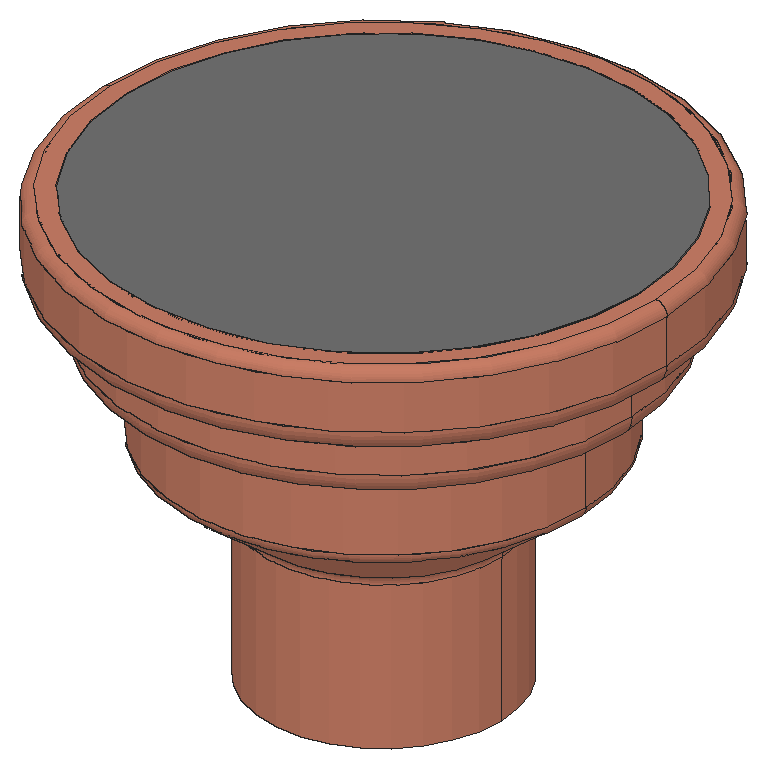
Revit family
Parameters (values of type "2210-02")
  Weight (lb) = 13.83
  Waste Connection = no
  Warranty = "1 year material and workmanship"  # constant formula
  Vent Connection = no
  URL = "http://www.jrsmith.com"
  Technical and Installation = "http://www.jrsmith.com/products/floor/tech_data_index.htm"
  SmartBIM Object Version = 3  # constant formula
  SmartBIM Object Created By = "Reed Construction Data"  # constant formula
  Product URL = "http://www.jrsmith.com/products/floor/submittal/d2210.pdf"
  Pipe Diameter = "2\""
  HW Connection = no
  Free Area (sq. in) = "9.25"  # constant formula
  Description = "Duco cast iron body with cast iron grate and sediment bucket"  # constant formula
  Pipe Radius = 0' - 1"
  OmniClass Title = "Sanitary Drains"  # constant formula
  OmniClass Code = "22-22 13 19 13"  # constant formula
  Model = "2210"  # constant formula
  Material Finish = Duco Coated
  Material = Cast Iron
  Manufacturer = "Jay R. Smith Mfg. Co. "  # constant formula
  Default Elevation = 0' - 0"  # constant formula
  CW Connection = no
  Assembly Code = "D2030300"
  95 CSI = "15155"  # constant formula
  04 CSI = "22 13 19"  # constant formula
Types (3): name | Weight (lb) | Pipe Diameter | Pipe Radius
  2210-02 | 13.83 | "2\"" | 0' - 1"
  2210-03 | 14.66 | "3\"" | 0' - 1 1/2"
  2210-04 | 14.27 | "4\"" | 0' - 2"
Reference planes (in)
  plane 1 "Center (Front/Back)": y = 0
  plane 2: z = 0
  plane 3 "Center (Left/Right)": x = 0
  plane 4: z = 0.125
Dimensions and locks (in)
  locked: plane 4 to plane 2 at 0.125
  aligned and locked: plane 3 "Center (Left/Right)" to nested 1
  aligned and locked: plane 1 "Center (Front/Back)" to nested 1
  aligned and locked: plane 4 to nested 1
Nested families (in)
  nested 1: "2210" at (0, 0, -0.51548), type "2210"
Connectors (in)
  piping at (0, 0, -4.875), driven by "Pipe Radius"
    settings: on nested 1, index 1
Definition of nested family "2210"
  Parameters (values of type "2210-02")
    Weight (lb) = 13.83
    Waste Connection = no
    Warranty = "1 year material and workmanship"  # constant formula
    Vent Connection = no
    URL = "http://www.jrsmith.com"
    Technical and Installation = "http://www.jrsmith.com/products/floor/tech_data_index.htm"
    SmartBIM Object Version = 3  # constant formula
    SmartBIM Object Created By = "Reed Construction Data"  # constant formula
    Product URL = "http://www.jrsmith.com/products/floor/submittal/d2210.pdf"
    Pipe Diameter = "2\""
    HW Connection = no
    Free Area (sq. in) = "9.25"  # constant formula
    Description = "Duco cast iron body with cast iron grate and sediment bucket"  # constant formula
    Pipe Radius = 0' - 1"
    OmniClass Title = "Sanitary Drains"  # constant formula
    OmniClass Code = "22-22 13 19 13"  # constant formula
    Model = "2210"  # constant formula
    Material Finish = Duco Coated
    Material = Cast Iron
    Manufacturer = "Jay R. Smith Mfg. Co. "  # constant formula
    Default Elevation = 0' - 0"  # constant formula
    CW Connection = no
    Assembly Code = "D2030300"
    95 CSI = "15155"  # constant formula
    04 CSI = "22 13 19"  # constant formula
  Types (3): name | Weight (lb) | Pipe Diameter | Pipe Radius
    2210-02 | 13.83 | "2\"" | 0' - 1"
    2210-03 | 14.66 | "3\"" | 0' - 1 1/2"
    2210-04 | 14.27 | "4\"" | 0' - 2"
  Reference planes (in)
    plane 1 "Center (Front/Back)": y = 0
    plane 2: z = 0
    plane 3 "Center (Left/Right)": x = 0
    plane 4: z = 0.64048
    plane 5: x = 1
  Forms (in)
    Revolve 1, solid, material "Cast Iron" <- "Material"
      sketch origin (0, 0, -4.35952) x (1, 0, 0) y (0, 0, 1)
        loop
          line (0, 2.56389) -> (0, 2.2746) -> (1.21883, 2.55354)
          arc (1.21883, 2.55354) -> (1.60957, 2.7602) -> (1.76587, 3.17366) r 0.625
          line (1.76587, 3.17366) -> (1.76587, 4.06501)
          arc (1.76587, 4.06501) -> (1.8319, 4.23428) -> (1.99511, 4.31414) r 0.25
          line (1.99511, 4.31414) -> (2.45397, 4.35238) -> (2.62937, 4.56536) -> (2.62937, 4.75) -> (2.31905, 4.75) -> (2.31905, 4.56825) -> (1.74603, 4.56825)
          arc (1.74603, 4.56825) -> (1.56926, 4.49503) -> (1.49603, 4.31825) r 0.25
          line (1.49603, 4.31825) -> (1.49603, 3.07123)
          arc (1.49603, 3.07123) -> (1.43254, 2.90476) -> (1.27431, 2.82284) r 0.25
          line (1.27431, 2.82284) -> (0, 2.56389)
        axis (0, 2.2746) -> (0, 4.75)
      angle from 0 to 360
    Extrusion 2, solid, material "Duco Coated" <- "Material Finish"
      sketch origin (-6.23822, -180, 0.64048) x (-1, 0, 0) y (0, -1, 0)
        loop
          circle (-6.23822, -180) r 2.96984
      from 0 to -0.25
    Sweep 3, solid, material "Cast Iron" <- "Material"
      path origin (0, 0, 0) x (1, 0, 0) y (0, 1, 0)
        loop
          circle (0, 0) r 1
      profile "D2210 : D2210" origin (0, 1, 0) x (0, -1, 0) y (0, 0, 1)
        loop
          arc (-2.29365, 0) -> (-2.21366, -0.18442) -> (-2.02378, -0.25039) r 0.25009
          arc (-2.02378, -0.25039) -> (-1.92907, -0.28318) -> (-1.88889, -0.375) r 0.125
          line (-1.88889, -0.375) -> (-1.88889, -0.6746)
          arc (-1.88889, -0.6746) -> (-1.81567, -0.85138) -> (-1.63889, -0.9246) r 0.25
          line (-1.63889, -0.9246) -> (-1.47421, -0.9246)
          arc (-1.47421, -0.9246) -> (-1.38582, -0.96121) -> (-1.34921, -1.0496) r 0.125
          line (-1.34921, -1.0496) -> (-1.34921, -1.80655)
          arc (-1.34921, -1.80655) -> (-1.33601, -1.86245) -> (-1.29921, -1.90655) r 0.125
          line (-1.29921, -1.90655) -> (-0.42778, -2.56012)
          arc (-0.42778, -2.56012) -> (-0.39097, -2.60422) -> (-0.37778, -2.66012) r 0.125
          line (-0.37778, -2.66012) -> (-0.37778, -4.35952) -> (0, -4.35952) -> (0, -2.46986)
          arc (0, -2.46986) -> (-0.01271, -2.41494) -> (-0.04826, -2.37119) r 0.125
          line (-0.04826, -2.37119) -> (-0.92317, -1.69071)
          arc (-0.92317, -1.69071) -> (-0.95872, -1.64696) -> (-0.97143, -1.59204) r 0.125
          line (-0.97143, -1.59204) -> (-0.97143, -0.69881)
          arc (-0.97143, -0.69881) -> (-1.00804, -0.61042) -> (-1.09643, -0.57381) r 0.125
          line (-1.09643, -0.57381) -> (-1.23413, -0.57381)
          arc (-1.23413, -0.57381) -> (-1.4109, -0.50059) -> (-1.48413, -0.32381) r 0.25
          line (-1.48413, -0.32381) -> (-1.48413, -0.08935)
          arc (-1.48413, -0.08935) -> (-1.51611, -0.01214) -> (-1.59332, 0.01984) r 0.10919
          line (-1.59332, 0.01984) -> (-1.96984, 0.01984) -> (-1.96984, 0.64048) -> (-2.16865, 0.64048)
          arc (-2.16865, 0.64048) -> (-2.25704, 0.60386) -> (-2.29365, 0.51548) r 0.125
          line (-2.29365, 0.51548) -> (-2.29365, 0)
  Dimensions and locks (in)
    "Pipe Radius": plane 3 "Center (Left/Right)" to plane 5
    "Pipe Radius": radius of Sweep 3 sketch curve
    aligned and locked: plane 3 "Center (Left/Right)" to Revolve 1 sketch curve  (x2)
    aligned and locked: Extrusion 2 to plane 4
    aligned and locked: Extrusion 2 sketch curve to Sweep 3
  Automatic sketch dimensions
    Revolve 1 sketch curve to plane 5 = 0' - 0.14087"
    Revolve 1 sketch curve to plane 5 = 0' - 0.21883"
    Revolve 1 sketch curve to Revolve 1 sketch curve = 0' - 0.10516"
    Revolve 1 sketch curve to Revolve 1 sketch curve = 0' - 0.02828"
    Revolve 1 sketch curve to Revolve 1 sketch curve = 0' - 0 1/4"  (x3)
    Revolve 1 sketch curve to Revolve 1 sketch curve = 0' - 0.26984"
    Revolve 1 sketch curve to Revolve 1 sketch curve = 0' - 0.24908"
    Revolve 1 sketch curve to Revolve 1 sketch curve = 0' - 0.57302"
    Revolve 1 sketch curve to plane 4 = 0' - 0.64762"
    Revolve 1 sketch curve to Revolve 1 sketch curve = 0' - 0.13492"
    Revolve 1 sketch curve to Revolve 1 sketch curve = 0' - 0.31032"
    Revolve 1 sketch curve to Revolve 1 sketch curve = 0' - 0.00411"
    Revolve 1 sketch curve to Revolve 1 sketch curve = 0' - 0.89135"
    Revolve 1 sketch curve to Revolve 1 sketch curve = 0' - 0.10243"
    Revolve 1 sketch curve to Revolve 1 sketch curve = 0' - 0.01034"
    Revolve 1 sketch curve to Revolve 1 sketch curve = 0' - 0.28928"
    Revolve 1 sketch curve to level = 0' - 4.94371"
    Revolve 1 sketch curve to Revolve 1 sketch curve = 0' - 1"
    Revolve 1 sketch curve to Revolve 1 sketch curve = 0' - 0.21298"
    Revolve 1 sketch curve to Revolve 1 sketch curve = 0' - 0.21587"
    Revolve 1 sketch curve to Revolve 1 sketch curve = 0' - 0.18175"
    Sweep 3 sketch curve to plane 1 "Center (Front/Back)" = 0' - 0"
    Sweep 3 sketch curve to plane 3 "Center (Left/Right)" = 0' - 0"
